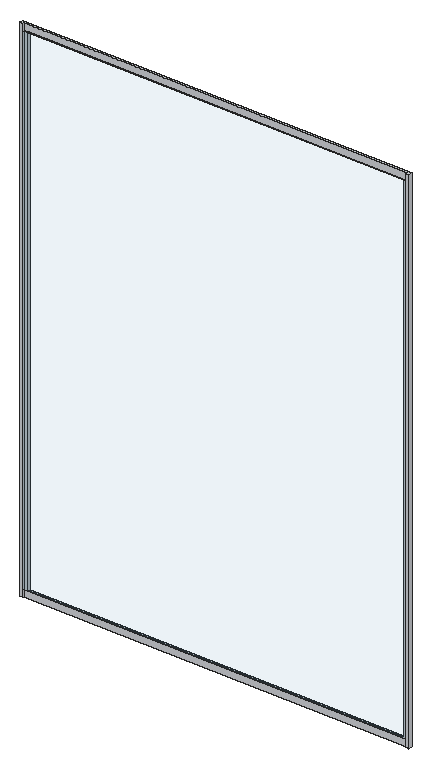
Revit family "ALSPEC 550  HASTINGS SGL GLZ", category Curtain Panels, Revit 2017
Family settings
  OmniClass Number = 23.25.20.14.11.11.17
  OmniClass Title = Infill Panels
  Always vertical = Yes
  Cut with Voids When Loaded = No
  Shared = No
Parameters
  YEAR = "2019"
  VERSION = "1.0"
  TODAYS DATE = "01.03.2019"
  SINGLE GLAZED THICKNESS = 25 mm
  OFFSET = 55.3 mm
  CREATOR = " Scott Isouard"  # constant formula
  COMPANY = "Archvis"  # constant formula
  Analytic Construction = "<None>"
  ANZRC Compliant = yes
  A = if(SINGLE GLAZED THICKNESS > 12.4 mm, 12.4 mm, if(SINGLE GLAZED THICKNESS < 4 mm, 4 mm, SINGLE GLAZED THICKNESS))  # 12.4 mm
Reference planes
  plane 1 "Center (Front/Back)": y = 0
  plane 2: z = 0
  plane 3 "Center (Left/Right)": x = 0
  plane 4 "Left": x = -1500
  plane 5 "Right": x = 1500
  plane 6 "Top": z = 4000
  plane 7: y = 55.3
  plane 8: y = 42.9
  plane 9: x = -1550
  plane 10: x = 1550
  plane 11: z = -50
  plane 12: z = 4050
  plane 13: y = 55.3
Forms (mm)
  Extrusion 1, solid, material "Glass"
    sketch origin (0, 0, 0) x (1, 0, 0) y (0, 1, 0)
      loop
        line (-1525, 42.9) -> (1525, 42.9) -> (1525, 55.3) -> (-1525, 55.3) -> (-1525, 42.9)
    from 0 to 4000
  Extrusion 2, solid
    sketch origin (-640, 0, 0) x (1, 0, 0) y (0, 1, 0)
      loop
        line (-860, 55.3) -> (2140, 55.3) -> (2140, 75.3) -> (-860, 75.3) -> (-860, 55.3)
    from 0 to -50
  Extrusion 3, solid
    sketch origin (-560, 0, 0) x (1, 0, 0) y (0, 1, 0)
      loop
        line (-940, 55.3) -> (2060, 55.3) -> (2060, 75.3) -> (-940, 75.3) -> (-940, 55.3)
    from 4050 to 4000
  Extrusion 4, solid
    sketch origin (0, 29, 0) x (1, 0, 0) y (0, 1, 0)
      loop
        line (-1550, 46.3) -> (-1550, 13.9) -> (-1525, 13.9) -> (-1525, 26.3) -> (-1500, 26.3) -> (-1500, 46.3) -> (-1550, 46.3)
    from -50 to 4050
  Extrusion 5, solid
    sketch origin (0, 29, 0) x (-1, 0, 0) y (0, -1, 0)
      loop
        line (-1550, -46.3) -> (-1500, -46.3) -> (-1500, -26.3) -> (-1525, -26.3) -> (-1525, -13.9) -> (-1550, -13.9) -> (-1550, -46.3)
    from -50 to 4050
Cuts and joins
  joined: Extrusion 2, Extrusion 3, Extrusion 4, Extrusion 5
Text (mm)
  text "Exterior" at (-2351.972, 1416.179, 0), in view "Ref. Level"
  text "Exterior" at (0, 2290.741, 4406.713), in view "Left"
  text "Exterior" at (0, 1328.187, 4120.349), in view "Right"
Dimensions and locks
  equal spacing: plane 4 "Left", plane 3 "Center (Left/Right)", plane 5 "Right"
  Extrusion 1 sketch curve to Extrusion 1 sketch curve = 12.4 mm
  "OFFSET": plane 7 to plane 1 "Center (Front/Back)"
  locked: plane 9 to plane 4 "Left" at 50
  locked: plane 5 "Right" to plane 10 at 50
  locked: plane 11 to plane 2 at 50
  locked: plane 6 "Top" to plane 12 at 50
  locked: Extrusion 4 sketch curve to Extrusion 4 sketch curve at 32.4
  locked: Extrusion 4 sketch curve to Extrusion 4 sketch curve at 25  (x2)
  locked: Extrusion 5 sketch curve to Extrusion 5 sketch curve at 32.4
  locked: Extrusion 5 sketch curve to Extrusion 5 sketch curve at 25  (x2)
  "OFFSET": plane 1 "Center (Front/Back)" to plane 13
  "A": plane 7 to plane 8
  locked: cut or joined group of Extrusion 2, Extrusion 3, Extrusion 4, Extrusion 5 to Extrusion 4 sketch curve at 20
  locked: cut or joined group of Extrusion 2, Extrusion 3, Extrusion 4, Extrusion 5 to Extrusion 1 at 20
  aligned and locked: Extrusion 1 to plane 6 "Top"
  aligned and locked: plane 4 "Left" to Extrusion 2
  aligned and locked: Extrusion 2 to plane 5 "Right"
  aligned and locked: plane 11 to Extrusion 2
  aligned and locked: Extrusion 3 to plane 12
  aligned and locked: Extrusion 3 to plane 5 "Right"
  aligned and locked: plane 4 "Left" to Extrusion 3
  aligned and locked: Extrusion 2 to plane 2
  aligned and locked: plane 12 to Extrusion 3
  aligned and locked: Extrusion 3 to plane 6 "Top"
  aligned: Extrusion 4 to plane 6 "Top"
  aligned: Extrusion 4 to level
  aligned and locked: plane 13 to Extrusion 4
  aligned and locked: plane 13 to Extrusion 5
  aligned and locked: plane 13 to Extrusion 2
  aligned and locked: Extrusion 3 to Extrusion 5  (x2)
  aligned: Extrusion 5 to plane 6 "Top"
  aligned: Extrusion 5 to plane 2
  aligned and locked: Extrusion 4 to Extrusion 3
  aligned and locked: Extrusion 2 to Extrusion 4
  aligned and locked: Extrusion 5 to Extrusion 2
  aligned and locked: Extrusion 1 sketch curve to plane 8
  aligned and locked: Extrusion 5 sketch curve to Extrusion 1
Automatic sketch dimensions
  Extrusion 2 sketch curve to plane 4 "Left" = 0 mm
  Extrusion 2 sketch curve to plane 5 "Right" = 0 mm
  Extrusion 2 sketch curve to Extrusion 2 sketch curve = 20 mm
  Extrusion 3 sketch curve to plane 4 "Left" = 0 mm
  Extrusion 3 sketch curve to plane 5 "Right" = 0 mm
  Extrusion 3 sketch curve to plane 1 "Center (Front/Back)" = 55.3 mm
  Extrusion 3 sketch curve to Extrusion 3 sketch curve = 20 mm
  Extrusion 5 sketch curve to plane 10 = 0 mm
  plane 4 "Left" to Extrusion 1 sketch curve = 25 mm
  Extrusion 1 sketch curve to plane 5 "Right" = 25 mm
  Extrusion 4 sketch curve to plane 9 = 0 mm
  plane 13 to Extrusion 4 sketch curve = 0 mm
  plane 13 to Extrusion 5 sketch curve = 0 mm
  plane 13 to Extrusion 2 sketch curve = 0 mm
